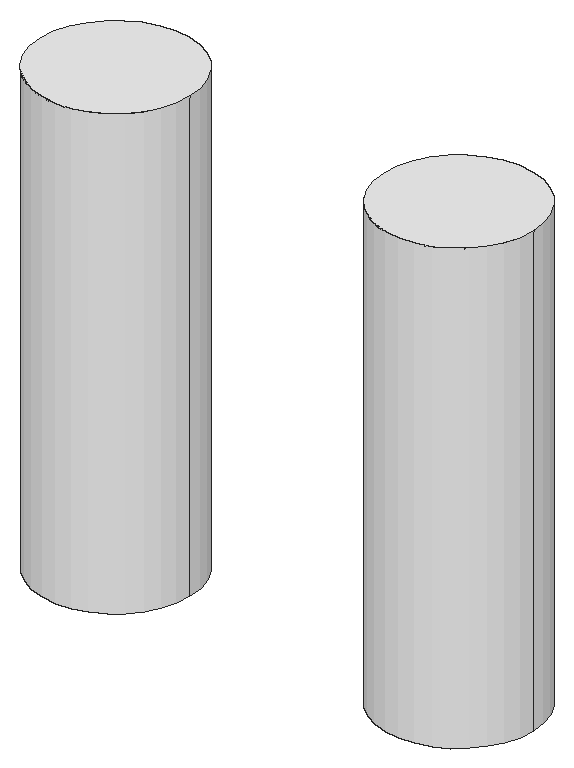
Revit family "56502203", category Plumbing Fixtures, Revit 2020
Family settings
  Round Connector Dimension = Use Diameter
  Part Type = Normal
  OmniClass Number = 23.45.55.00
  OmniClass Title = Sanitary Faucets, Wastes
  Work Plane-Based = No
  Always vertical = Yes
  Cut with Voids When Loaded = No
  Shared = No
  Room Calculation Point = No
Parameters (values of type "56502203 Kitchen faucet")
  Working Pressure = "50 - 1000 kPa"
  WarrantyStartDate [instance] = "n/a"
  WarrantyGuarantorParts = "n/a"
  WarrantyGuarantorLabor = "n/a"
  WarrantyDurationUnit = "Year"
  WarrantyDurationParts = "n/a"
  WarrantyDurationLabor = "n/a"
  WarrantyDescription = "http://warranty.hansa.com"
  Warranty Information URL = "http://warranty.hansa.com"
  VersionDate = "01/06/2023"
  Version = "1"
  ValvePattern = "n/a"
  ValveOperation = "n/a"
  ValveMechanism = "n/a"
  Uniclass2015Reference = "Pr_40_20_87_96"
  Uniclass2015Description = "Washbasin manual water supply sets"
  Uniclass2 = "Pr_40_30_96_96"
  URL REACH = "http://static.hansa.com/doc/reach"
  URL Materials Declaration = "http://www.hansa.com/fileadmin/resources/182138_56502203_materialsdeclaration.pdf"
  URL Environmental Product Declaration EPD = "http://www.hansa.com/fileadmin/resources/184519_EPD_Kitchen faucet.pdf"
  URL EcoLabel Declaration = "http://static.hansa.com/doc/EcoLabel"
  URL EU Packaging Declaration = "http://static.hansa.com/doc/packaging"
  URL Declaration of SCIP = "http://static.hansa.com/doc/SCIP"
  URL Declaration of Conformity = "http://static.hansa.com/DoC/56502203"
  URL Declaration of Asbestos = "http://static.hansa.com/doc/asbestos"
  URL Declaration Of Performance (DOP) = "http://static.hansa.com/doc/DoP"
  URL = ""
  UNSPSC Class Number = "30181700 Faucets or taps"
  TestPressure = "n/a"
  Temperature Adjustments = "Limitation option for maximum temperature and flow-rate ;Adjustable hot water stop (included, retrofittable)"
  Technical DataSheet URL = "http://www.hansa.com/datasheet/56502203/en"
  TagNumber [instance] = "n/a"
  SustainabilityPerformance = "n/a"
  Surface treatment = "Chrome"
  Spout Type = "Swivel spout;Swivel range limiting option"
  Spout Swivel Range = "120° (60° / 0°)"
  Spout Projection = "221 mm"
  Spare-Part Information URL = "http://static.hansa.com/sp/56502203"
  Size = "50x255x300 mm"
  Shape = "Sculptured"
  SerialNumber [instance] = "n/a"
  Sales Package dimensions (LxWxH) = "754 x 334 x 63"
  Revision = "n/a"
  ReplacementCost = "n/a"
  ProductInformation = "n/a"
  Product URL = "http://static.hansa.com/56502203"
  Product Image URL = "http://static.hansa.com/image/56502203"
  Product Family = "HANSAPALENO "
  Product Code = "56502203"
  OperatingMechanismMaterial = "n/a"
  NominalWidth = 48.501 mm
  NominalHeight = 301 mm
  NominalDepth = 255 mm
  Noise Class = "I(ISO3822)"
  Name_en = "56502203 Kitchen faucet"
  Name = "56502203 Kitchen faucet"
  NBSReference = "45-35-70/371"
  NBSDescription = "Water supply fittings for wash basins and troughs"
  Mounting Holes = "1 hole"
  ModelReference = "56502203"
  ModelNumber = "n/a"
  Model = "56502203 Kitchen faucet"
  Mobile Product Information URL = "http://mpi.hansa.com/56502203"
  Mechanical Parts = "ø 35 mm ceramic cartridge for flow and temperature control"
  Max. Hot Water Supply = 80 °C
  Material = "Brass"
  Market = "International;Germany;Austria;Switzerland;France;Italy;Spain"
  ManufacturerURL = "http://www.hansa.com"
  ManufacturerName = "HANSA"
  Manufacturer = "HANSA"
  Lever Handle = "Hot/Cold symbols;Single operating lever/handle"
  Interactive AR View URL = "https://static.hansa.com/AR/56502203"
  InstallationDate [instance] = "n/a"
  Installation and Maintenance Guide URL = "http://static.hansa.com/manual/56502203"
  Installation Type = "Deck mounted"
  InletConnectionSize = 10 mm
  IfcExportType = "FAUCET"  # constant formula
  IfcExportAs = "IfcValveType"  # constant formula
  Group = "Kitchen faucet"
  Grade = "n/a"
  FlowCoefficient = 0
  Flow Rate At 300kPa = 0.02 L/s
  Flow Drawing URL = "http://static.hansa.com/flowchart/56502203"
  Finish = "Polished"
  Features = "Single-lever"
  FaucetMainMaterial = Brass
  FDV Document URL = "http://www.hansa.com/datasheet/56502203/en/fdv"
  ExpectedLife = "n/a"
  ETIM Class Number = "EC011431 Kitchen mixing tap"
  EN Standard = "EN 817"
  EAN Number = "4057304012341"
  DurationUnit = "Year"
  Dimension Drawing URL = "http://static.hansa.com/dimdrw/56502203"
  Description = ""
  DefaultElevation [instance] = 900 mm
  Default Elevation = 0 mm
  Constituents = "n/a"
  Connection Size = "G3/8"
  Connection = "Flexible inlet pipes"
  Color = "Chrome"
  CodePerformance = "n/a"
  CloseOffRating = 0
  Category = "Kitchen"
  Catalog Drawing URL = "http://static.hansa.com/catdrw/56502203"
  CO2 Emissions (D) = -5.51
  CO2 Emissions (C4) = 0.3
  CO2 Emissions (C3) = 0.02
  CO2 Emissions (C2) = 0.01
  CO2 Emissions (B7) = 4728
  CO2 Emissions (A4) = 0.19
  CO2 Emissions (A1-A3) = 9.75
  Brand = "HANSA"
  BodyMaterial = "Brass"
  Barcode [instance] = "n/a"
  Backflow Prevention EN1717 = "AA"
  BIMObjectName = "56502203"
  Author = "BIMStone"
  AssetType = "Fixed"
  AssetIdentifier [instance] = "n/a"
  Advanced Features = "3S-installation system for safe and simple mounting"
  AccessibilityPerformance = "n/a"
  3D View = "https://static.hansa.com/AR/56502203"
  2D/3D/BIM Files URL = "http://static.hansa.com/bim/56502203"
Reference planes
  plane 1 "Center (Front/Back)": y = 0
  plane 2: z = 0
  plane 3 "Center (Left/Right)": x = 0
  plane 4: x = -24.251
  plane 5: z = 1201
  plane 6: z = 900
  plane 7: z = 870
  plane 8: y = -255
  plane 9: x = 24.251
Forms (mm)
  Extrusion 1, solid, material "Brass" <- "FaucetMainMaterial"
    sketch origin (0, -3, 0) x (1, 0, 0) y (0, 1, 0)
      loop
        circle (-11.5, -22.5) r 5
      loop
        circle (11.5, -22.5) r 5
    from 870 to 900
Dimensions and locks
  "NominalHeight": plane 5 to plane 6
  "DefaultElevation": plane 6 to level
  locked: plane 6 to plane 7 at 30
  "NominalDepth": plane 8 to plane 1 "Center (Front/Back)"
  equal spacing: plane 4, plane 3 "Center (Left/Right)", plane 9
  "NominalWidth": plane 4 to plane 9
  "InletConnectionSize": diameter of Extrusion 1 sketch curve  (x2)
  aligned and locked: level to plane 2
  aligned and locked: plane 6 to Extrusion 1
  aligned and locked: Extrusion 1 to plane 7
  aligned and locked: nested 2 to plane 6
  aligned and locked: plane 1 "Center (Front/Back)" to nested 2
Automatic sketch dimensions
  Extrusion 1 sketch curve to plane 3 "Center (Left/Right)" = 11.5 mm
  plane 3 "Center (Left/Right)" to Extrusion 1 sketch curve = 11.5 mm
  plane 1 "Center (Front/Back)" to Extrusion 1 sketch curve = 25.5 mm  (x2)
Nested families
  nested 1: "Symbol" at (0, 0, 0), type "Symbol", detail levels coarse
  nested 2: "56502203_p" at (0, 0, 900), Material <- "FaucetMainMaterial", type "56502203_p"
    with Material Brass
Connectors
  piping at (-11.5, -25.5, 870), diameter 10, driven by "InletConnectionSize"
    settings: on Extrusion 1, index 1, connector inside diameter 609.6 mm, connector length 0 mm, flow factor 0, pipe flow 0.2 L/s, pressure drop 0.0 Pa, fitting loss kfactor 0, connector angle 0.00°, fixture units 0, engagement length 0 mm, angle of deflection 0.00°, flow configuration 1, flow direction 1, fitting loss method 0, system type 19, joint type 0, gender type 0, connector reference index -1, connector utility 0, adjustable connector no, is connector primary yes, connector description ""
  piping at (11.5, -25.5, 870), diameter 10, driven by "InletConnectionSize"
    settings: on Extrusion 1, index 2, connector inside diameter 609.6 mm, connector length 0 mm, flow factor 0, pipe flow 0.2 L/s, pressure drop 0.0 Pa, fitting loss kfactor 0, connector angle 0.00°, fixture units 0, engagement length 0 mm, angle of deflection 0.00°, flow configuration 1, flow direction 1, fitting loss method 0, system type 20, joint type 0, gender type 0, connector reference index -1, connector utility 0, adjustable connector no, is connector primary no, connector description ""
Definition of nested family "Symbol"
  Reference planes
    plane 1: y = 0
    plane 2: x = 0
  Lines and regions (mm)
    detail lines
      curve 1: line (0, 0, 0) -> (0, -1.8, 0)
      curve 2: line (-0.4, -1.1, 0) -> (0.4, -1.1, 0)
      curve 3: line (-0.4, -1.4, 0) -> (0.4, -1.4, 0)
      curve 4: line (0.863, 0, 0) -> (-0.863, 0, 0)
      curve 5: circle (-1.163, 0, 0) r 0.3 normal (0, 0, -1)
      curve 6: circle (1.163, 0, 0) r 0.3 normal (0, 0, 1)
